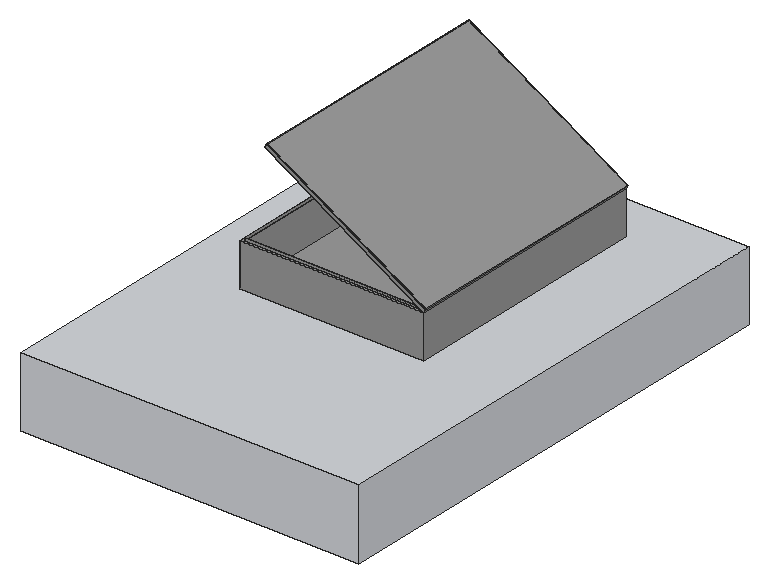
Revit family "Hager-Univers-IP44-D205-H1100-Cl.I-encl-PL-en", category Equipement électrique, Revit 2020
Family settings
  Hôte = Face
  Configuration du panneau = Deux colonnes, circuits au sein
  Cote de connecteur circulaire = Utiliser le diamètre
  Type d'élément = Tableau de raccordement
  Couper avec des vides une fois chargée = Non
  Partagée = Non
  Point de calcul de pièce = Non
Parameters (values of type "Surface mounted (plaster) IP44 W800 H1100 D205  - FP73TN2")
  Width Control [instance] = if([EF000008 - Width] > Min Width, [EF000008 - Width], Min Width)  # 800 mm
  Commentaires du type = [HG000003 - Range]  # "Univers"
  Thickness Door [instance] = if([EF009171 - Material plate thickness door/cover] > 3 mm, 3 mm, [EF009171 - Material plate thickness door/cover])  # 1 mm
  Seal Frame Offset [instance] = 17 mm  # constant formula
  Plinth Visibility [instance] = [HG000027 - Plinth height] > 0 mm  # no
  Model = ""
  Min Width [instance] = 100 mm  # constant formula
  Min Height [instance] = 100 mm  # constant formula
  Min Depth [instance] = (2 * [EF009170 - Material plate thickness cabinet]) + 1 mm  # 3 mm
  Internal Frame Depth [instance] = (Door System Depth * 0.5)  # 9 mm
  Height Control [instance] = if([EF000040 - Height] > Min Height, [EF000040 - Height], Min Height)  # 1100 mm
  HG000027 - Plinth height = 0 mm
  HG000026 - Floor standing = no
  HG000024 - Bottom section height = 800 mm
  HG000023 - Double section enclosure = no
  HG000016 - Door 3d visibility [instance] = yes
  HG000015 - Clearance visibility [instance] = no
  HG000014 - Door on the right [instance] = yes
  HG000013 - Door on the left [instance] = not([HG000014 - Door on the right])  # no
  HG000012 - Door swing angle [instance] = 30.00°
  HG000010 - Asymmetric doors = no
  HG000009 - Double swing door = no
  HG000006 - Flush mounted = no
  HG000004 - Manufacturer reference = "FP73TN2"
  HG000003 - Range = "Univers"
  HG000002 - With door or cover = yes
  Frame Offset Bottom [instance] = 10 mm  # constant formula
  Frame Offset [instance] = 15 mm  # constant formula
  EF015940 - Cover with overpressure release = no
  EF011959 - Degree of protection (NEMA) = ""
  EF009554 - Number of openings for flange plates = 6
  EF009212 - Cover model = "EV000116 - Closed"
  EF009171 - Material plate thickness door/cover = 1 mm
  EF009170 - Material plate thickness cabinet = 1 mm
  Fabricant = "Hager"  # constant formula
  EF008873 - Nominal current (In) = 250 A
  EF007800 - Suitable for lightning protection = no
  EF006306 - With lock = no
  EF006244 - Transparent cover/door = no
  EF005474 - Degree of protection (IP) = "EV006418 - IP44"
  EF004464 - Type of door = "EV002646 - Single"
  EF004427 - Number of modules = 252
  EF004293 - Impact strength = "EV006815 - IK09"
  EF003532 - Suitable for outdoor use = no
  EF002950 - Width in number of modular spacings = 36
  EF001613 - Circuit integrity = "EV000494 - None"
  EF001596 - Material housing = "EV000179 - Steel"
  EF001131 - Internal depth = 130 mm
  EF001088 - Extension possible = yes
  EF000437 - Number of conduit inlets = 6
  EF000339 - Type of cover = "EV001012 - Cover"
  EF000266 - Number of rows = 7
  EF000218 - Built-in depth = 205 mm
  EF000118 - With mounting plate = no
  EF000116 - RAL-number = "9010"
  EF000049 - Depth = 205 mm
  EF000040 - Height = 1100 mm
  EF000008 - Width = 800 mm
  EF000007 - Colour = "EV000202 - White"
  EF000003 - Mounting method = "EV000384 - Surface mounted (plaster)"
  Door System Leaf Tolerance [instance] = 1.5 mm  # constant formula
  Door System Depth [instance] = 18 mm  # constant formula
  Door Height [instance] = Height Control - [HG000027 - Plinth height]  # 1100 mm
  Depth Control [instance] = if([EF000049 - Depth] > Min Depth, [EF000049 - Depth], Min Depth)  # 205 mm
  Default Elevation = 0 mm
  Connector Offset [instance] = Height Control / 2  # 550 mm
  Bottom Top Plate Trim [instance] = 1.5 mm  # constant formula
  Plinth height Ctrl [instance] = if([HG000027 - Plinth height] > 0 mm, [HG000027 - Plinth height], 12 mm)  # 12 mm
Types (4, lengths in mm): name | Width Control | HG000010 - Asymmetric doors | HG000009 - Double swing door | HG000004 - Manufacturer reference | EF009554 - Number of openings for flange plates | EF004464 - Type of door | EF004427 - Number of modules | EF002950 - Width in number of modular spacings | EF000437 - Number of conduit inlets | EF000008 - Width
  Surface mounted (plaster) IP44 W1300 H1100 D205  - FP75TN2 | 1300 | yes | yes | "FP75TN2" | 10 | "EV003602 - Double" | 420 | 60 | 10 | 1300
  Surface mounted (plaster) IP44 W300 H1100 D205  - FP71TN2 | 300 | no | no | "FP71TN2" | 2 | "EV002646 - Single" | 84 | 12 | 2 | 300
  Surface mounted (plaster) IP44 W550 H1100 D205  - FP72TN2 | 550 | no | no | "FP72TN2" | 4 | "EV002646 - Single" | 168 | 24 | 4 | 550
  Surface mounted (plaster) IP44 W800 H1100 D205  - FP73TN2 | 800 | no | no | "FP73TN2" | 6 | "EV002646 - Single" | 252 | 36 | 6 | 800
Reference planes
  plane 1 "Center (Front/Back)": y = 0
  plane 2: z = 0
  plane 3 "Center (Left/Right)": x = 0
  plane 4: z = 205
  plane 5: y = 1
  plane 6: y = 550
  plane 7: y = 0
  plane 8: y = 1100
  plane 9: z = 0
  plane 10: x = -385
  plane 11: x = 385
  plane 12: x = 384
  plane 13: x = -384
  plane 14: y = 1099
  plane 15: x = -383
  plane 16: x = -400
  plane 17: x = 383
  plane 18: x = 400
  plane 19: x = 399
  plane 20: x = -399
  plane 21: y = 11
  plane 22: y = 1100
  plane 23: y = 1084
  plane 24: z = 187
  plane 25: z = 1
  plane 26: z = 186
  plane 27: z = 204
Forms (mm)
  Extrusion 1, solid
    sketch origin (0, 0, 0) x (1, 0, 0) y (0, 1, 0)
      loop
        line (-702.964, 1305) -> (-702.964, -811.445) -> (766.763, -811.445) -> (766.763, 1305) -> (-702.964, 1305)
    from 0 to -304.8
  Extrusion 2, solid, material "Hager_Steel_RAL7035_Light_Grey", visible <- "Plinth Visibility", detail levels medium+fine
    sketch origin (0, 0, 0) x (1, 0, 0) y (0, 1, 0)
      loop
        line (-400, 0) -> (400, 0) -> (400, 12) -> (-400, 12) -> (-400, 0)
    from 0 to 187
  Extrusion 3, solid, material "Hager_Steel_RAL7035_Light_Grey", detail levels medium+fine
    sketch origin (0, 0, 0) x (1, 0, 0) y (0, 1, 0)
      loop
        line (-400, 0) -> (400, 0) -> (400, 1100) -> (-400, 1100) -> (-400, 0)
    from 0 to 187
  Extrusion 4, void
    sketch origin (0, 0, 0) x (1, 0, 0) y (0, 1, 0)
      loop
        line (-399, 1) -> (399, 1) -> (399, 1099) -> (-399, 1099) -> (-399, 1)
    from 1 to 186
  Extrusion 5, void
    sketch origin (-381.607, -4572, 187) x (0, -1, 0) y (-1, 0, 0)
      loop
        line (-4583, 2.393) -> (-5656, 2.393) -> (-5656, -765.607) -> (-4583, -765.607) -> (-4583, 2.393)
    from 0 to 1 <- "EF009170 - Material plate thickness cabinet"
  Extrusion 6, solid, material "Hager_Steel_RAL7035_Light_Grey", detail levels fine
    sketch origin (0, 0, 187) x (1, 0, 0) y (0, 1, 0)
      loop
        line (-384, 1084) -> (-384, 11) -> (384, 11) -> (384, 1084) -> (-384, 1084)
      loop
        line (-385, 10) -> (385, 10) -> (385, 1085) -> (-385, 1085) -> (-385, 10)
    from 0 to 9 <- "Internal Frame Depth"
  Extrusion 7, solid, material "Hager_Steel_RAL7035_Light_Grey", detail levels coarse
    sketch origin (0, 0, 0) x (1, 0, 0) y (0, 1, 0)
      loop
        line (-400, 0) -> (400, 0) -> (400, 1100) -> (-400, 1100) -> (-400, 0)
    from 0 to 205
  Sweep 8, void
    path in 3D
      loop
        line (-400, 12, 0) -> (400, 12, 0) -> (400, 12, 187) -> (-400, 12, 187) -> (-400, 12, 0)
    profile origin (-400, 12, 93.5) x (-1, 0, 0) y (0, -1, 0)
      loop
        line (0, 0) -> (0, 1.5) -> (-1.5, 1.5)
        arc (-1.5, 1.5) -> (-1.061, 0.439) -> (0, 0) r 1.5
Cuts and joins
  Extrusion 4, Extrusion 5 cuts Extrusion 3
  Sweep 8 cuts Extrusion 2
Lines and regions (mm)
  Masking region 1
    outline origin (0, 0, 0) x (1, 0, 0) y (0, 0, 1)
      loop
        line (-400, 205) -> (-400, 0) -> (400, 0) -> (400, 205) -> (-400, 205)
  Masking region 2, detail levels medium+fine
    outline origin (0, 140, 0) x (0, 1, 0) y (0, 0, 1)
      loop
        line (-140, 0) -> (960, 0) -> (960, 187) -> (-140, 187) -> (-140, 0)
  Masking region 3, not visible, detail levels medium+fine
    outline origin (0, 297.922, 0) x (0, 1, 0) y (0, 0, 1)
      loop
        line (263.578, 0) -> (303.578, 0) -> (303.578, 194)
        arc (303.578, 194) -> (300.649, 201.071) -> (293.578, 204) r 10
        line (293.578, 204) -> (263.578, 204) -> (263.578, 0)
  Masking region 4, detail levels coarse
    outline origin (0, 0, 180) x (0, 1, 0) y (0, 0, 1)
      loop
        line (0, -180) -> (1100, -180) -> (1100, 25) -> (0, 25) -> (0, -180)
  Masking region 5, visible <- "Plinth Visibility", detail levels medium+fine
    outline origin (0, 52.24, 12.345) x (0, 0, -1) y (0, 1, 0)
      loop
        line (10.845, -40.24) -> (-173.155, -40.24)
        arc (-173.155, -40.24) -> (-173.594, -41.301) -> (-174.655, -41.74) r 1.5
        line (-174.655, -41.74) -> (-174.655, -52.24) -> (12.345, -52.24) -> (12.345, -41.74)
        arc (12.345, -41.74) -> (11.285, -41.301) -> (10.845, -40.24) r 1.5
  Masking region 6, detail levels medium+fine
    outline origin (-381.607, -4572, 187) x (-1, 0, 0) y (0, -1, 0)
      loop
        line (18.393, -5672) -> (18.393, -4572) -> (-781.607, -4572) -> (-781.607, -5672) -> (18.393, -5672)
  Masking region 7, visible <- "Plinth Visibility", detail levels medium+fine
    outline origin (-381.607, -4727, 187) x (-1, 0, 0) y (0, -1, 0)
      loop
        arc (16.893, -4739) -> (17.332, -4737.939) -> (18.393, -4737.5) r 1.5
        line (18.393, -4737.5) -> (18.393, -4727) -> (-781.607, -4727) -> (-781.607, -4737.5)
        arc (-781.607, -4737.5) -> (-780.546, -4737.939) -> (-780.107, -4739) r 1.5
        line (-780.107, -4739) -> (16.893, -4739)
  Masking region 8, detail levels coarse
    outline origin (-442.548, -4669.526, 187) x (-1, 0, 0) y (0, -1, 0)
      loop
        line (-42.548, -5769.526) -> (-42.548, -4669.526) -> (-842.548, -4669.526) -> (-842.548, -5769.526) -> (-42.548, -5769.526)
  sketch lines
    curve 1: line (-400, 12, 187) -> (-400, 12, 0)
    curve 2: line (400, 12, 187) -> (-400, 12, 187)
    curve 3: line (400, 12, 187) -> (400, 12, 0)
    curve 4: line (-400, 12, 0) -> (400, 12, 0)
Dimensions and locks
  "Depth Control": plane 4 to Extrusion 1
  "HG000027 - Plinth height": plane 1 "Center (Front/Back)" to plane 7
  "EF009170 - Material plate thickness cabinet": plane 5 to plane 7
  locked: connector elem to plane 3 "Center (Left/Right)"
  equal spacing: plane 8, plane 6, plane 7
  locked: connector elem to plane 6
  "EF009170 - Material plate thickness cabinet": plane 8 to plane 14
  "EF009170 - Material plate thickness cabinet": plane 10 to plane 13
  "EF009170 - Material plate thickness cabinet": plane 12 to plane 11
  "Frame Offset": plane 20 to plane 13
  "Frame Offset": plane 12 to plane 19
  "EF009170 - Material plate thickness cabinet": plane 16 to plane 20
  "EF009170 - Material plate thickness cabinet": plane 19 to plane 18
  "Seal Frame Offset": plane 16 to plane 15
  "Seal Frame Offset": plane 17 to plane 18
  "Frame Offset Bottom": plane 21 to plane 5
  "Frame Offset": plane 14 to plane 23
  equal spacing: plane 16, plane 3 "Center (Left/Right)", plane 18
  "Width Control": plane 16 to plane 18
  "EF009170 - Material plate thickness cabinet": plane 4 to plane 27
  "EF009170 - Material plate thickness cabinet": plane 24 to plane 26
  "EF009170 - Material plate thickness cabinet": plane 25 to level
  "Door System Depth": plane 4 to plane 24
  "Height Control": plane 1 "Center (Front/Back)" to Extrusion 7 sketch curve
  "Height Control": Masking region 4 sketch curve to plane 1 "Center (Front/Back)"
  "Height Control": plane 1 "Center (Front/Back)" to plane 22
  "Bottom Top Plate Trim": profile plane to Sweep 8 sketch curve
  "Bottom Top Plate Trim": Sweep 8 sketch curve to profile plane
  "Plinth height Ctrl": plane 1 "Center (Front/Back)" to Extrusion 2 sketch curve
  "Plinth height Ctrl": Masking region 5 sketch curve to plane 1 "Center (Front/Back)"
  "Plinth height Ctrl": plane 1 "Center (Front/Back)" to Masking region 7 sketch curve
  "Thickness Door": Extrusion 6 sketch curve to Extrusion 6 sketch curve  (x3)
  "Thickness Door": cut or joined group of Extrusion 3, Extrusion 4, Extrusion 5 to Extrusion 6 sketch curve
  radius of Masking region 3 sketch curve = 10 mm
  "Bottom Top Plate Trim": radius of Masking region 5 sketch curve  (x2)
  "Bottom Top Plate Trim": radius of Sweep 8 sketch curve
  "Bottom Top Plate Trim": radius of Masking region 7 sketch curve  (x2)
  aligned and locked: plane 2 to Extrusion 1
  aligned and locked: level to Extrusion 1
  aligned and locked: level to Masking region 1 sketch curve
  aligned and locked: Masking region 1 sketch curve to plane 18
  aligned and locked: Masking region 1 sketch curve to plane 16
  aligned and locked: plane 7 to Masking region 2 sketch curve
  aligned and locked: level to Masking region 3 sketch curve
  aligned and locked: Masking region 3 sketch curve to plane 27
  aligned and locked: level to Masking region 2 sketch curve
  aligned and locked: plane 1 "Center (Front/Back)" to Extrusion 2 sketch curve
  aligned and locked: Extrusion 3 sketch curve to plane 7
  aligned and locked: plane 16 to Extrusion 3 sketch curve
  aligned and locked: plane 18 to Extrusion 3 sketch curve
  aligned and locked: plane 20 to Extrusion 4 sketch curve
  aligned and locked: plane 19 to Extrusion 4 sketch curve
  aligned and locked: Extrusion 4 sketch curve to plane 5
  aligned and locked: Extrusion 4 to plane 25
  aligned and locked: plane 26 to Extrusion 4
  aligned and locked: plane 24 to Extrusion 3
  aligned and locked: Extrusion 5 sketch curve to plane 21
  aligned and locked: Extrusion 5 sketch curve to plane 13
  aligned and locked: Extrusion 5 sketch curve to plane 12
  aligned and locked: plane 18 to Extrusion 7 sketch curve
  aligned and locked: plane 1 "Center (Front/Back)" to Extrusion 7 sketch curve
  aligned and locked: plane 16 to Extrusion 7 sketch curve
  aligned and locked: plane 4 to Extrusion 7
  aligned and locked: Extrusion 7 to level
  aligned and locked: level to Masking region 4 sketch curve
  aligned and locked: Masking region 4 sketch curve to plane 1 "Center (Front/Back)"
  aligned and locked: Masking region 4 sketch curve to plane 4
  aligned and locked: nested 1 to level
  aligned and locked: nested 1 to plane 16
  aligned and locked: plane 8 to Extrusion 3 sketch curve
  aligned and locked: plane 23 to Extrusion 5 sketch curve
  aligned and locked: plane 14 to Extrusion 4 sketch curve
  aligned and locked: Masking region 2 sketch curve to plane 8
  aligned and locked: level to Masking region 5 sketch curve
  aligned and locked: plane 16 to Extrusion 2 sketch curve
  aligned and locked: plane 18 to Extrusion 2 sketch curve
  aligned and locked: Masking region 5 sketch curve to plane 24
  aligned and locked: Masking region 2 sketch curve to plane 24
  aligned and locked: plane 24 to Extrusion 2
  aligned and locked: profile plane to Sweep 8 sketch curve  (x2)
  aligned and locked: Masking region 6 sketch curve to plane 18
  aligned and locked: Masking region 6 sketch curve to plane 22
  aligned and locked: Masking region 6 sketch curve to plane 16
  aligned and locked: plane 8 to plane 22
  aligned and locked: Masking region 6 sketch curve to plane 7
  aligned and locked: Masking region 7 sketch curve to plane 16
  aligned and locked: Masking region 7 sketch curve to plane 1 "Center (Front/Back)"
  aligned and locked: Masking region 7 sketch curve to plane 18
  aligned and locked: Masking region 8 sketch curve to plane 1 "Center (Front/Back)"
  aligned and locked: Masking region 8 sketch curve to plane 18
  aligned and locked: Masking region 8 sketch curve to plane 22
  aligned and locked: Masking region 8 sketch curve to plane 16
  aligned and locked: nested 2 to plane 7
  aligned and locked: plane 3 "Center (Left/Right)" to nested 2
  aligned and locked: nested 2 to plane 24
  aligned and locked: Extrusion 6 sketch curve to cut or joined group of Extrusion 3, Extrusion 4, Extrusion 5  (x4)
Automatic sketch dimensions
  Extrusion 1 sketch curve to Extrusion 1 sketch curve = 1469.727 mm
  Extrusion 1 sketch curve to Extrusion 1 sketch curve = 2116.445 mm
  Masking region 1 sketch curve to plane 4 = 0 mm
  plane 6 to Masking region 3 sketch curve = 11.5 mm
  Masking region 3 sketch curve to Masking region 3 sketch curve = 30 mm
  Masking region 5 sketch curve to plane 1 "Center (Front/Back)" = 0 mm
Nested families
  nested 1: "Hager_Enclosure_Symbol" at (-400, 0, 0) x (1, 0, 0) z (0, -1, 0), Height <- "Depth Control", Width <- "Width Control", type "Hager_Enclosure_Symbol"
    with Width_Ctrl 800 mm, Width 800 mm, Height_Ctrl 205 mm, Height 205 mm, A_Width_Int 13.453 mm, A_Width 161.438 mm, A_Height_Ctrl 179.375 mm, A_Height 179.375 mm
  nested 2: "EC000058_Univers_Door" at (0, 0, 187) x (1, 0, 0) z (0, 1, 0), Leaf_Tolerance <- "Door System Leaf Tolerance", Angle <- "HG000012 - Door swing angle", Door_Depth <- "Door System Depth", Door_Left <- "HG000013 - Door on the left", Transparent <- "EF006244 - Transparent cover/door", Assymetrical <- "HG000010 - Asymmetric doors", Width <- "Width Control", Clearance <- "HG000015 - Clearance visibility", Double <- "HG000009 - Double swing door", 3d_Door <- "HG000016 - Door 3d visibility", Lock_Visibility <- "EF006306 - With lock", Width_Ctrl <- "Width Control", Door_Right <- "HG000014 - Door on the right", Door <- "HG000002 - With door or cover", Height <- "Door Height", Thickness <- "Thickness Door", type "EC000058_Univers_Door", detail levels medium+fine
    with min_wh 3 mm, Width_Ctrl 800 mm, Width 800 mm, Transparent no, Thickness 1 mm, Seal_Material Hager_Rubber, Lock_Visibility no, Lock_Material Hager_Plastic_RAL9005_Jet_Black, Leaf_Width 800 mm, Leaf_Tolerance_External_Sides 0 mm, Leaf_Tolerance 1.5 mm, Leaf_Offset 0 mm, Leaf_Height 1097 mm, Leaf_2_Width 800 mm, Leaf_2_Offset 400 mm, Leaf_1_Width 800 mm, Leaf_1_Offset 400 mm, Height_Ctrl 1100 mm, Height 1100 mm, Glass_Material Hager_Glass, Double_Clearance_Ctrl no, Double no, Door_Right_Ctrl yes, Door_Right yes, Door_Material Hager_Steel_RAL7035_Light_Grey, Door_Left_Ctrl no, Door_Left no, Door_Depth 18 mm, Door yes, Clearance_Material Hager_Clearance, Clearance_Depth 800 mm, Clearance_Ctrl no, Clearance no, Assymetrical no, Angle 30.00°, 3d_Door yes
Connectors
  electrical at (0, 550, 0)
    settings: on plane 9, index 1, voltage 0 V, apparent load 0 VA, apparent load phase1 0 VA, apparent load phase2 0 VA, apparent load phase3 0 VA, power factor 1, load classification "Other", number of poles 1, system type 30, power factor state 1, is connector primary yes, connector utility no, sub classification motor no, connector description ""
Definition of nested family "EC000058_Univers_Door"
  Parameters (values of type "EC000058_Univers_Door")
    min_wh [instance] = (2 * Thickness) + 1 mm  # 11 mm
    Width_Ctrl [instance] = 400 mm
    Width [instance] = 500 mm
    Transparent [instance] = yes
    Thickness [instance] = 5 mm
    Seal_Material [instance] = none
    Lock_Visibility [instance] = yes
    Lock_Material [instance] = none
    Leaf_Width [instance] = if((Width_Ctrl - 2 * Leaf_Tolerance_External_Sides) > 0 mm, (Width_Ctrl - 2 * Leaf_Tolerance_External_Sides), min_wh)  # 400 mm
    Leaf_Tolerance_External_Sides [instance] = 0 mm  # constant formula
    Leaf_Tolerance [instance] = 1.5 mm
    Leaf_Offset [instance] = 0 mm  # constant formula
    Leaf_Height [instance] = if((Height_Ctrl - 2 * Leaf_Tolerance) > 0 mm, (Height_Ctrl - 2 * Leaf_Tolerance), min_wh)  # 497 mm
    Leaf_2_Width [instance] = if(and(and(Double, Assymetrical), Door_Left), (Leaf_Width / 3) - (Leaf_Tolerance / 2), if(and(and(Double, Assymetrical), Door_Right), (Leaf_Width / 3) * 2 - (Leaf_Tolerance / 2), if(and(Double, not(Assymetrical)), (Leaf_Width / 2) - Leaf_Tolerance, Leaf_Width)))  # 400 mm
    Leaf_2_Offset [instance] = if(and(Double, Assymetrical), Leaf_2_Width / 2, if(and(Double, not(Assymetrical)), Leaf_Width / 4, Leaf_Width / 2))  # 200 mm
    Leaf_1_Width [instance] = if(and(and(Double, Assymetrical), Door_Right), (Leaf_Width / 3) - (Leaf_Tolerance / 2), if(and(and(Double, Assymetrical), Door_Left), (Width / 3) * 2 - (Leaf_Tolerance / 2), if(and(Double, not(Assymetrical)), (Leaf_Width / 2) - Leaf_Tolerance, Leaf_Width)))  # 400 mm
    Leaf_1_Offset [instance] = if(and(Double, Assymetrical), Leaf_1_Width / 2, if(and(Double, not(Assymetrical)), Leaf_Width / 4, Leaf_Width / 2))  # 200 mm
    Height_Ctrl [instance] = if(Height > min_wh, Height, min_wh)  # 500 mm
    Height [instance] = 500 mm
    Glass_Material [instance] = none
    Double_Clearance_Ctrl [instance] = and(Double, Clearance)  # no
    Double [instance] = no
    Door_Right_Ctrl [instance] = and(or(Door_Right, Double), Door)  # yes
    Door_Right [instance] = yes
    Door_Material [instance] = none
    Door_Left_Ctrl [instance] = and(or(Door_Left, Double), Door)  # no
    Door_Left [instance] = no
    Door_Depth [instance] = 30 mm
    Door [instance] = yes
    Default Elevation = 1219.2 mm
    Clearance_Material [instance] = none
    Clearance_Depth [instance] = if(Leaf_1_Width > Leaf_2_Width, Leaf_1_Width, Leaf_2_Width)  # 400 mm
    Clearance_Ctrl [instance] = and(not(Double), Clearance)  # yes
    Clearance [instance] = yes
    Assymetrical [instance] = yes
    Angle [instance] = 30.00°
    3d_Door [instance] = yes
  Reference planes
    plane 1 "Center (Front/Back)": y = 0
    plane 2 "Bottom": z = 0
    plane 3 "Center (Left/Right)": x = 0
    plane 4: z = 500
    plane 5: x = -200
    plane 6: x = 200
    plane 7: z = 500
    plane 8: x = -200
    plane 9: z = 0
    plane 10: x = 200
    plane 11: y = 0
    plane 12: z = 1.5
    plane 13: x = -600
    plane 14: y = -400
    plane 15: x = 600
    plane 16: x = 0
    plane 17: x = 0
    plane 18: x = -200
    plane 19: x = 200
    plane 20: z = 498.5
  Forms (mm)
    Extrusion 1, solid, material <- "Clearance_Material", visible <- "Double_Clearance_Ctrl"
      sketch origin (1200, 0, 0) x (1, 0, 0) y (0, 0, -1)
        loop
          line (-1800, -498.5) -> (-600, -498.5) -> (-600, 0) -> (-1800, 0) -> (-1800, -498.5)
      from 0 to -400
  Dimensions and locks
    equal spacing: plane 5, plane 3 "Center (Left/Right)", plane 6
    "Width_Ctrl": plane 5 to plane 6
    "Leaf_Offset": plane 5 to plane 8
    "Leaf_Offset": plane 6 to plane 10
    "Leaf_Offset": plane 9 to level
    "Leaf_Offset": plane 4 to plane 7
    "Height_Ctrl": plane 4 to level
    "Leaf_Tolerance": plane 12 to plane 9
    locked: plane 11 to plane 1 "Center (Front/Back)"
    "Leaf_1_Offset": plane 18 to plane 16
    "Leaf_2_Offset": plane 17 to plane 19
    "Leaf_1_Width": plane 13 to plane 8
    "Leaf_2_Width": plane 10 to plane 15
    "Clearance_Depth": plane 14 to plane 1 "Center (Front/Back)"
    "Leaf_Tolerance_External_Sides": plane 8 to plane 18
    "Leaf_Tolerance_External_Sides": plane 19 to plane 10
    "Leaf_Tolerance": plane 7 to plane 20
    aligned and locked: level to plane 2 "Bottom"
    aligned and locked: nested 1 to plane 16
    aligned and locked: nested 2 to plane 17
    aligned and locked: Extrusion 1 to plane 13
    aligned and locked: plane 15 to Extrusion 1
    aligned and locked: Extrusion 1 to plane 14
    aligned and locked: plane 12 to nested 1
    aligned and locked: nested 2 to plane 12
    aligned and locked: Extrusion 1 to plane 11
    aligned and locked: plane 20 to Extrusion 1
    aligned and locked: nested 2 to plane 11
    aligned and locked: nested 1 to plane 11
  Automatic sketch dimensions
    Extrusion 1 sketch curve to level = 0 mm
    plane 5 to Extrusion 1 sketch curve = 400 mm
    plane 6 to Extrusion 1 sketch curve = 400 mm
    Extrusion 1 sketch curve to plane 4 = 1.5 mm
  Nested families
    nested 1: "EC000058_Univers_Door_Leaf" at (0, 0, 1.5), Width <- "Leaf_1_Width", visible <- "Door_Left_Ctrl", Leaf_Height <- "Leaf_Height", Angle <- "Angle", 3d_Door <- "3d_Door", Transparent <- "Transparent", Clearance Material <- "Clearance_Material", Clearance <- "Clearance_Ctrl", Door_Material <- "Door_Material", Glass_Material <- "Glass_Material", Door_Depth <- "Door_Depth", Lock_Material <- "Lock_Material", Seal_Material <- "Seal_Material", Lock_Visibility <- "Lock_Visibility", Thickness <- "Thickness", type "EC000058_Univers_Door_Leaf"
      with Width 400 mm, Transparent_Glass_Offset 30 mm, Transparent_Ctrl yes, Transparent yes, Thickness 5 mm, Standard no, Seal_Material none, Seal_D2 8 mm, Seal_D1 1 mm, Offset_Internal_Frame 10 mm, Lock_Width 20 mm, Lock_Visibility_3d yes, Lock_Visibility yes, Lock_Thickness_3 3 mm, Lock_Thickness_2 1 mm, Lock_Thickness_1 3 mm, Lock_Radius_Offset_2 16 mm, Lock_Radius_Offset_1 15 mm, Lock_Radius_2 5 mm, Lock_Radius 6 mm, Lock_Offset 5 mm, Lock_Material none, Lock_Height 80 mm, Lock_Cover_Top_Offset_2d 17 mm, Lock_Cover_Height -65 mm, Leaf_Height 497 mm, Internal_Seal_Thickness 8 mm, Internal_Seal_Depth_2 4.5 mm, Internal_Frame_Depth 25 mm, Glass_Thickness -1 mm, Glass_Offset -2 mm, Glass_Material none, Door_Material none, Door_Depth 30 mm, Clearance Material none, Clearance yes, Angle_Ctrl 30.00°, Angle 30.00°, 3d_Door yes
    nested 2: "EC000058_Univers_Door_Leaf" at (0, 0, 1.5) x (-1, 0, 0) z (0, 0, 1), Width <- "Leaf_2_Width", visible <- "Door_Right_Ctrl", Leaf_Height <- "Leaf_Height", Angle <- "Angle", 3d_Door <- "3d_Door", Transparent <- "Transparent", Clearance Material <- "Clearance_Material", Clearance <- "Clearance_Ctrl", Door_Material <- "Door_Material", Glass_Material <- "Glass_Material", Door_Depth <- "Door_Depth", Lock_Material <- "Lock_Material", Seal_Material <- "Seal_Material", Lock_Visibility <- "Lock_Visibility", Thickness <- "Thickness", type "EC000058_Univers_Door_Leaf"
      with Width 400 mm, Transparent_Glass_Offset 30 mm, Transparent_Ctrl yes, Transparent yes, Thickness 5 mm, Standard no, Seal_Material none, Seal_D2 8 mm, Seal_D1 1 mm, Offset_Internal_Frame 10 mm, Lock_Width 20 mm, Lock_Visibility_3d yes, Lock_Visibility yes, Lock_Thickness_3 3 mm, Lock_Thickness_2 1 mm, Lock_Thickness_1 3 mm, Lock_Radius_Offset_2 16 mm, Lock_Radius_Offset_1 15 mm, Lock_Radius_2 5 mm, Lock_Radius 6 mm, Lock_Offset 5 mm, Lock_Material none, Lock_Height 80 mm, Lock_Cover_Top_Offset_2d 17 mm, Lock_Cover_Height -65 mm, Leaf_Height 497 mm, Internal_Seal_Thickness 8 mm, Internal_Seal_Depth_2 4.5 mm, Internal_Frame_Depth 25 mm, Glass_Thickness -1 mm, Glass_Offset -2 mm, Glass_Material none, Door_Material none, Door_Depth 30 mm, Clearance Material none, Clearance yes, Angle_Ctrl 30.00°, Angle 30.00°, 3d_Door yes
  Definition of nested family "EC000058_Univers_Door_Leaf"
    Parameters (values of type "EC000058_Univers_Door_Leaf")
      Width [instance] = 2000 mm
      Transparent_Glass_Offset [instance] = 30 mm
      Transparent_Ctrl [instance] = and(Transparent, [3d_Door])  # yes
      Transparent [instance] = yes
      Thickness [instance] = 5 mm
      Standard [instance] = and(not(Transparent), [3d_Door])  # no
      Seal_Material [instance] = none
      Seal_D2 [instance] = 8 mm  # constant formula
      Seal_D1 [instance] = 1 mm  # constant formula
      Offset_Internal_Frame [instance] = 10 mm  # constant formula
      Lock_Width [instance] = 20 mm  # constant formula
      Lock_Visibility_3d [instance] = and(Lock_Visibility, [3d_Door])  # yes
      Lock_Visibility [instance] = yes
      Lock_Thickness_3 [instance] = 3 mm  # constant formula
      Lock_Thickness_2 [instance] = 1 mm  # constant formula
      Lock_Thickness_1 [instance] = 3 mm  # constant formula
      Lock_Radius_Offset_2 [instance] = Lock_Radius_Offset_1 + 1 mm  # 16 mm
      Lock_Radius_Offset_1 [instance] = 15 mm  # constant formula
      Lock_Radius_2 [instance] = Lock_Radius - 1 mm  # 5 mm
      Lock_Radius [instance] = 6 mm  # constant formula
      Lock_Offset [instance] = 5 mm  # constant formula
      Lock_Material [instance] = none
      Lock_Height [instance] = 80 mm  # constant formula
      Lock_Cover_Top_Offset_2d [instance] = Lock_Radius_Offset_2 + 1 mm  # 17 mm
      Lock_Cover_Height [instance] = -(Lock_Height - Lock_Radius_Offset_1)  # -65 mm
      Leaf_Height [instance] = 2720.336 mm
      Internal_Seal_Thickness [instance] = 8 mm  # constant formula
      Internal_Seal_Depth_2 [instance] = 4.5 mm  # constant formula
      Internal_Frame_Depth [instance] = if(Door_Depth - Thickness > 5 mm, Door_Depth - Thickness, 5 mm)  # 25 mm
      Glass_Thickness [instance] = if(Thickness > 15 mm, Glass_Offset + 10 mm, -1 mm)  # -1 mm
      Glass_Offset [instance] = if(Thickness > 15 mm, -(Thickness + 10 mm) / 2, -2 mm)  # -2 mm
      Glass_Material [instance] = none
      Door_Material [instance] = none
      Door_Depth [instance] = 30 mm
      Default Elevation = 0 mm
      Clearance Material [instance] = none
      Clearance [instance] = yes
      Angle_Ctrl [instance] = if(Angle > 180.00°, 180.00°, Angle)  # 90.00°
      Angle [instance] = 90.00°
      3d_Door [instance] = yes
    Reference planes
      plane 1 "Center (Front/Back)": y = 0
      plane 2: z = 0
      plane 3 "Center (Left/Right)": x = 0
      plane 4: y = 2000
      plane 5: x = -1000
      plane 6: x = 1000
      plane 7: x = -3000
      plane 8: z = 2720.336
      plane 9: z = 30
      plane 10: z = 2690.336
      plane 11: x = 970
      plane 12: x = -970
      plane 13: y = -3
      plane 14: z = 107.833
      plane 15: y = -5
      plane 16: y = -223.314
      plane 17: x = -1000
      plane 18: z = 1360.168
      plane 19: y = 30
    Forms (mm)
      Extrusion 1, solid, material <- "Clearance Material", visible <- "Clearance"
        sketch origin (0, 0, 0) x (1, 0, 0) y (0, 0, 1)
          loop
            line (-3000, 2720.336) -> (-3000, 0) -> (1000, 0) -> (1000, 2720.336) -> (-3000, 2720.336)
        from 0 to -2000
      Extrusion 2, solid, material <- "Door_Material", visible <- "Standard", detail levels medium+fine
        sketch origin (-1000, 0, 0) x (0, 1, 0) y (-1, 0, 0)
          loop
            line (0, 30) -> (0, 25) -> (2000, 25) -> (2000, 30) -> (0, 30)
        from 0 to 2720.336 <- "Leaf_Height"
      Extrusion 3, solid, material <- "Door_Material", visible <- "Transparent_Ctrl", detail levels medium+fine
        sketch origin (-1000, 0, 0) x (0, 1, 0) y (-1, 0, 0)
          loop
            line (0, 25) -> (2000, 25) -> (2000, 30) -> (0, 30) -> (0, 25)
        from 0 to 2720.336 <- "Leaf_Height"
      Extrusion 4, void
        sketch origin (-1025, 2000, 0) x (0, 1, 0) y (0, 0, -1)
          loop
            line (-30, -2690.336) -> (-30, -30) -> (-1970, -30) -> (-1970, -2690.336) -> (-30, -2690.336)
        from 0 to 5 <- "Thickness"
      Sweep 5, solid, material <- "Seal_Material", visible <- "Transparent_Ctrl", detail levels fine
        path in 3D
          loop
            line (-1025, 30, 30) -> (-1025, 30, 2690.336) -> (-1025, 1970, 2690.336) -> (-1025, 1970, 30) -> (-1025, 30, 30)
        profile origin (-1025, 1000, 30) x (1, 0, 0) y (0, 0, 1)
          loop
            line (0, 0) -> (0, -8) -> (1, -8) -> (1, 0) -> (0, 0)
      Extrusion 6, solid, material <- "Glass_Material", visible <- "Transparent_Ctrl", detail levels medium+fine
        sketch origin (-1030, 0, 0) x (0, 1, 0) y (0, 0, -1)
          loop
            line (1970, -2690.336) -> (1970, -30) -> (30, -30) -> (30, -2690.336) -> (1970, -2690.336)
        from -2 <- "Glass_Offset" to -1 <- "Glass_Thickness"
      Extrusion 7, solid, material <- "Door_Material", visible <- "3d_Door", detail levels medium+fine
        sketch origin (-1025, 2000, 0) x (0, -1, 0) y (0, 0, -1)
          loop
            line (0, -2720.336) -> (2000, -2720.336) -> (2000, 0) -> (0, 0) -> (0, -2720.336)
          loop
            line (1995, -5) -> (5, -5) -> (5, -2715.336) -> (1995, -2715.336) -> (1995, -5)
        from 0 to 25 <- "Internal_Frame_Depth"
      Sweep 8, solid, material <- "Seal_Material", visible <- "Transparent_Ctrl", detail levels fine
        path in 3D
          loop
            line (-1025, 0, 0) -> (-1025, 2000, 0) -> (-1025, 2000, 2720.336) -> (-1025, 0, 2720.336) -> (-1025, 0, 0)
        profile origin (-1025, 0, 1360.168) x (1, 0, 0) y (0, 1, 0)
          loop
            line (0, 10) -> (2.975, 10)
            arc (2.975, 10) -> (4.053, 10.447) -> (4.5, 11.525) r 1.525
            line (4.5, 11.525) -> (4.5, 16.527)
            arc (4.5, 16.527) -> (4.069, 17.569) -> (3.027, 18) r 1.473
            line (3.027, 18) -> (0, 18) -> (0, 10)
      Extrusion 9, solid, material <- "Lock_Material", visible <- "Lock_Visibility_3d", detail levels fine
        sketch origin (-1030, 0, 0) x (0, 1, 0) y (0, 0, -1)
          loop
            arc (1993.5, -1400.168) -> (1994.561, -1399.729) -> (1995, -1398.668) r 1.5
            line (1995, -1398.668) -> (1995, -1320.168) -> (1975, -1320.168) -> (1975, -1398.668)
            arc (1975, -1398.668) -> (1975.439, -1399.729) -> (1976.5, -1400.168) r 1.5
            line (1976.5, -1400.168) -> (1993.5, -1400.168)
        from 3 <- "Lock_Thickness_1" to 0
      Blend 10, solid, material <- "Lock_Material", visible <- "Lock_Visibility_3d", detail levels fine
        base sketch origin (-1033, 0, 0) x (0, 1, 0) y (0, 0, -1)
          loop
            line (1975, -1320.168) -> (1975, -1398.668)
            arc (1975, -1398.668) -> (1975.439, -1399.729) -> (1976.5, -1400.168) r 1.5
            line (1976.5, -1400.168) -> (1993.5, -1400.168)
            arc (1993.5, -1400.168) -> (1994.561, -1399.729) -> (1995, -1398.668) r 1.5
            line (1995, -1398.668) -> (1995, -1320.168) -> (1975, -1320.168)
        top sketch origin (-1033, 0, 0) x (0, 1, 0) y (0, 0, -1)
          loop
            line (1976, -1320.168) -> (1976, -1398.668)
            arc (1976, -1398.668) -> (1976.146, -1399.022) -> (1976.5, -1399.168) r 0.5
            line (1976.5, -1399.168) -> (1993.5, -1399.168)
            arc (1993.5, -1399.168) -> (1993.854, -1399.022) -> (1994, -1398.668) r 0.5
            line (1994, -1398.668) -> (1994, -1320.168) -> (1976, -1320.168)
        from 0 to 1 <- "Lock_Thickness_2"
      Blend 11, solid, material <- "Lock_Material", visible <- "Lock_Visibility_3d", detail levels fine
        base sketch origin (-1034, 0, 0) x (0, 1, 0) y (0, 0, -1)
          loop
            line (1978, -1320.168) -> (1978, -1384.168)
            arc (1978, -1384.168) -> (1985, -1391.168) -> (1992, -1384.168) r 7
            line (1992, -1384.168) -> (1992, -1320.168) -> (1978, -1320.168)
        top sketch origin (-1034, 0, 0) x (0, 1, 0) y (0, 0, -1)
          loop
            line (1991, -1320.168) -> (1979, -1320.168) -> (1979, -1383.168)
            arc (1979, -1383.168) -> (1985, -1389.168) -> (1991, -1383.168) r 6
            line (1991, -1383.168) -> (1991, -1320.168)
        from 0 to 3 <- "Lock_Thickness_3"
      Extrusion 12, solid, material <- "Lock_Material", visible <- "Lock_Visibility_3d", detail levels fine
        sketch origin (-1030, 1975, 1320.168) x (1, 0, 0) y (0, -1, 0)
          loop
            line (-7, -19) -> (-7, -1) -> (0, -1) -> (0, 0) -> (-8, 0) -> (-8, -20) -> (0, -20) -> (0, -19) -> (-7, -19)
        from 0 to -65 <- "Lock_Cover_Height"
      Extrusion 13, void
        sketch origin (-1038, 1995, 1320.168) x (-1, 0, 0) y (0, 0, -1)
          loop
            line (-5, -65) -> (0, -65) -> (-5, -60) -> (-5, -65)
        from 0 to 20 <- "Lock_Width"
      Extrusion 14, void
        sketch origin (-1038, 1975, 1320.168) x (0, -1, 0) y (0, 0, -1)
          loop
            circle (-10, -15.995) r 6
          loop
            circle (-10, -15.995) r 5
        from 0 to 2
      Extrusion 15, solid, material <- "Lock_Material", visible <- "Lock_Visibility_3d", detail levels medium
        sketch origin (-1030, 0, 0) x (0, 1, 0) y (0, 0, -1)
          loop
            arc (1993.5, -1400.168) -> (1994.561, -1399.729) -> (1995, -1398.668) r 1.5
            line (1995, -1398.668) -> (1995, -1320.168) -> (1975, -1320.168) -> (1975, -1398.668)
            arc (1975, -1398.668) -> (1975.439, -1399.729) -> (1976.5, -1400.168) r 1.5
            line (1976.5, -1400.168) -> (1993.5, -1400.168)
        from 8 to 0
    Cuts and joins
      Extrusion 4 cuts Extrusion 3
      Extrusion 13, Extrusion 14 cuts Extrusion 9
      Extrusion 14 cuts Blend 11
      Extrusion 13, Extrusion 14 cuts Extrusion 12
      joined: Extrusion 9, Blend 10, Blend 11, Extrusion 12
      Extrusion 14 cuts Extrusion 15
    Lines and regions (mm)
      Masking region 1, visible <- "Lock_Visibility", detail levels fine
        outline origin (0, 0, 0) x (0, 1, 0) y (0, 0, 1)
          loop
            line (30, 1320.168) -> (33, 1320.168) -> (33, 1400.168) -> (30, 1400.168) -> (30, 1320.168)
      Masking region 2, visible <- "Lock_Visibility", detail levels fine
        outline origin (0, 3.143, 0) x (0, 1, 0) y (0, 0, 1)
          loop
            line (29.857, 1354.168) -> (30.857, 1354.168) -> (30.857, 1366.168) -> (29.857, 1366.168) -> (29.857, 1354.168)
      Masking region 3, detail levels medium+fine
        outline origin (0, 0, 0) x (0, 1, 0) y (0, 0, 1)
          loop
            line (0, 0) -> (30, 0) -> (30, 2720.336) -> (0, 2720.336) -> (0, 0)
      Masking region 4, detail levels medium+fine
        outline origin (0, 0, 0) x (1, 0, 0) y (0, 0, 1)
          loop
            line (-1000, 2720.336) -> (-1000, 0) -> (1000, 0) -> (1000, 2720.336) -> (-1000, 2720.336)
      Masking region 5, visible <- "Lock_Visibility", detail levels fine
        outline origin (-47.116, 0, 0) x (1, 0, 0) y (0, 0, 1)
          loop
            arc (1024.616, 1399.168) -> (1023.556, 1398.729) -> (1023.116, 1397.668) r 1.5
            line (1023.116, 1397.668) -> (1023.116, 1320.168) -> (1041.116, 1320.168) -> (1041.116, 1397.668)
            arc (1041.116, 1397.668) -> (1040.677, 1398.729) -> (1039.616, 1399.168) r 1.5
            line (1039.616, 1399.168) -> (1024.616, 1399.168)
      Masking region 6, visible <- "Lock_Visibility", detail levels medium+fine
        outline origin (-25, 0, 0) x (1, 0, 0) y (0, 0, 1)
          loop
            arc (1001.5, 1400.168) -> (1000.439, 1399.729) -> (1000, 1398.668) r 1.5
            line (1000, 1398.668) -> (1000, 1320.168) -> (1020, 1320.168) -> (1020, 1398.668)
            arc (1020, 1398.668) -> (1019.561, 1399.729) -> (1018.5, 1400.168) r 1.5
            line (1018.5, 1400.168) -> (1001.5, 1400.168)
      Masking region 7, visible <- "Lock_Visibility", detail levels fine
        outline origin (-73.735, 0, 0) x (1, 0, 0) y (0, 0, 1)
          loop
            line (1051.735, 1382.168) -> (1065.735, 1382.168) -> (1065.735, 1384.168)
            arc (1065.735, 1384.168) -> (1058.735, 1391.168) -> (1051.735, 1384.168) r 7
            line (1051.735, 1384.168) -> (1051.735, 1382.168)
      Masking region 8, visible <- "Lock_Visibility", detail levels fine
        outline origin (-73.735, 0, 0) x (1, 0, 0) y (0, 0, 1)
          loop
            line (1052.735, 1382.168) -> (1064.735, 1382.168) -> (1064.735, 1383.168)
            arc (1064.735, 1383.168) -> (1058.735, 1389.168) -> (1052.735, 1383.168) r 6
            line (1052.735, 1383.168) -> (1052.735, 1382.168)
      Masking region 9, visible <- "Lock_Visibility", detail levels fine
        outline origin (-25, 0, 0) x (1, 0, 0) y (0, 0, 1)
          loop
            line (1020, 1320.168) -> (1020, 1382.168) -> (1000, 1382.168) -> (1000, 1320.168) -> (1020, 1320.168)
      Masking region 10, detail levels medium+fine
        outline origin (0, 0, 0) x (1, 0, 0) y (0, 0, 1)
          loop
            circle (985, 1335.144) r 6
      Masking region 11, detail levels fine
        outline origin (0, 0, 0) x (1, 0, 0) y (0, 0, 1)
          loop
            circle (985, 1335.144) r 5
      Masking region 12, visible <- "Lock_Visibility", detail levels fine
        outline origin (0, 12.767, 0) x (0, 1, 0) y (0, 0, 1)
          loop
            line (20.233, 1320.168) -> (21.233, 1320.168) -> (21.233, 1399.168) -> (20.233, 1400.168) -> (20.233, 1320.168)
      Masking region 13, visible <- "Lock_Visibility", detail levels fine
        outline origin (0, 13.767, -10) x (0, 1, 0) y (0, 0, 1)
          loop
            line (20.233, 1330.168) -> (23.233, 1330.168) -> (23.233, 1399.168) -> (20.233, 1402.168) -> (20.233, 1330.168)
      Masking region 14, visible <- "Lock_Visibility", detail levels fine
        outline origin (0, 12.767, -10) x (0, 1, 0) y (0, 0, 1)
          loop
            line (20.233, 1330.168) -> (25.233, 1330.168) -> (25.233, 1399.305) -> (20.233, 1394.305) -> (20.233, 1330.168)
      Masking region 15, visible <- "Lock_Visibility", detail levels medium
        outline origin (0, 0, 0) x (0, 1, 0) y (0, 0, 1)
          loop
            line (30, 1320.168) -> (38, 1320.168) -> (38, 1400.168) -> (30, 1400.168) -> (30, 1320.168)
      Masking region 16, visible <- "Lock_Visibility", detail levels fine
        outline origin (-1000, 0, 0) x (0, 1, 0) y (-1, 0, 0)
          loop
            line (1975, 30) -> (1995, 30) -> (1995, 38) -> (1975, 38) -> (1975, 30)
          loop
            line (1979, 37) -> (1976, 37) -> (1976, 34) -> (1978, 34) -> (1979, 37)
          loop
            line (1994, 37) -> (1991, 37) -> (1992, 34) -> (1994, 34) -> (1994, 37)
      Masking region 17, visible <- "Lock_Visibility", detail levels medium
        outline origin (-1000, 0, 0) x (0, 1, 0) y (-1, 0, 0)
          loop
            line (1975, 30) -> (1995, 30) -> (1995, 38) -> (1975, 38) -> (1975, 30)
      symbolic lines
        curve 1: line (1000, 0, 0) -> (-3000, 0, 0)
        curve 2: arc (1000, 0, 0) -> (-1000, 2000, 0) -> (-3000, 0, 0) r 2000
        curve 4: line (-1030, 0, 0) -> (-1030, 2000, 0)
      reference lines
        curve 3: line (-1000, 0, 0) -> (-1000, 2000, 0)
      symbolic lines, detail levels medium+fine
        curve 5: line (-1030, 2000, 0) -> (-1025, 2000, 0)
        curve 7: line (-1025, 0, 0) -> (-1030, 0, 0)
        curve 8: line (-1025, 0, 0) -> (-1000, 0, 0)
        curve 9: line (-1000, 0, 0) -> (-1000, 2000, 0)
        curve 10: line (-1000, 2000, 0) -> (-1025, 2000, 0)
      symbolic lines, detail levels fine
        curve 6: line (-1025, 2000, 0) -> (-1025, 0, 0)
      sketch lines
        curve 11: line (-1025, 0, 2720.336) -> (-1025, 0, 0)
        curve 12: line (-1025, 2000, 0) -> (-1025, 0, 0)
        curve 13: line (-1025, 2000, 2720.336) -> (-1025, 2000, 0)
        curve 14: line (-1025, 0, 2720.336) -> (-1025, 2000, 2720.336)
        curve 15: line (-1025, 1970, 30) -> (-1025, 30, 30)
        curve 16: line (-1025, 30, 30) -> (-1025, 30, 2690.336)
        curve 17: line (-1025, 1970, 2690.336) -> (-1025, 1970, 30)
        curve 18: line (-1025, 30, 2690.336) -> (-1025, 1970, 2690.336)
      symbolic lines, visible <- "Transparent", detail levels medium+fine
        curve 19: line (-970, 0, 2690.336) -> (970, 0, 2690.336)
        curve 20: line (-970, 0, 30) -> (-970, 0, 2690.336)
        curve 21: line (970, 0, 30) -> (-970, 0, 30)
        curve 22: line (970, 0, 2690.336) -> (970, 0, 30)
    Dimensions and locks
      "Width": plane 1 "Center (Front/Back)" to plane 4
      equal spacing: plane 5, plane 3 "Center (Left/Right)", plane 6
      "Width": plane 5 to plane 6
      "Width": plane 7 to plane 5
      "Leaf_Height": plane 8 to level
      "Width": curve 5 to curve 3
      "Width": curve 3 to curve 3
      plane 8 to plane 10 = 30 mm
      plane 9 to level = 30 mm
      plane 12 to plane 5 = 30 mm
      plane 6 to plane 11 = 30 mm
      Extrusion 1 to Extrusion 4 sketch curve = 30 mm
      "Transparent_Glass_Offset": curve 3 to Extrusion 4 sketch curve
      "Transparent_Glass_Offset": Extrusion 4 sketch curve to cut or joined group of Extrusion 3, Extrusion 4  (x2)
      cut or joined group of Extrusion 3, Extrusion 4 to Extrusion 6 sketch curve = 30 mm
      "Transparent_Glass_Offset": cut or joined group of Extrusion 3, Extrusion 4 to Extrusion 4 sketch curve
      "Thickness": curve 6 to curve 4
      "Thickness": Extrusion 7 sketch curve to Extrusion 7 sketch curve  (x4)
      "Door_Depth": curve 4 to curve 3
      "Offset_Internal_Frame": profile plane to Sweep 8 sketch curve
      "Internal_Seal_Thickness": Sweep 8 sketch curve to Sweep 8 sketch curve
      "Internal_Seal_Depth_2": profile plane to Sweep 8 sketch curve
      "Seal_D1": profile plane to Sweep 5 sketch curve
      "Seal_D2": profile plane to Sweep 5 sketch curve
      "Thickness": Extrusion 2 sketch curve to Extrusion 2 sketch curve
      equal spacing: Extrusion 9 sketch curve, plane 18, Extrusion 9 sketch curve  (x2)
      equal spacing: Masking region 1 sketch curve, plane 18, Masking region 1 sketch curve
      "Lock_Height": Masking region 1 sketch curve to Masking region 1 sketch curve
      "Lock_Radius": Masking region 2 sketch curve to plane 18 to Masking region 2 sketch curve
      Masking region 2 sketch curve to Masking region 1 = 1 mm
      "Door_Depth": plane 19 to plane 1 "Center (Front/Back)"
      "Lock_Thickness_1": Masking region 1 sketch curve to plane 19
      "Lock_Width": Extrusion 9 sketch curve to Extrusion 9 sketch curve
      "Lock_Height": Extrusion 9 sketch curve to Extrusion 9 sketch curve
      "Lock_Offset": cut or joined group of Extrusion 3, Extrusion 4 to Extrusion 9 sketch curve
      equal spacing: plane 8, plane 18, level
      "Lock_Radius_Offset_1": Blend 11 sketch curve to Blend 10
      locked: Blend 10 to Blend 11 sketch curve at 2  (x2)
      locked: var sketch to Blend 11 sketch curve at 1  (x2)
      "Lock_Radius_Offset_2": Blend 11 sketch curve to Blend 10
      locked: Extrusion 12 sketch curve to Extrusion 12 sketch curve at 1  (x3)
      Masking region 6 sketch curve to Masking region 6 sketch curve = 80 mm
      "Lock_Height": Masking region 6 sketch curve to Masking region 6 sketch curve
      "Lock_Width": Masking region 6 sketch curve to Masking region 6 sketch curve
      locked: Masking region 6 to Masking region 5 sketch curve at 1  (x3)
      locked: Masking region 5 to Masking region 7 sketch curve at 2  (x2)
      "Lock_Radius_Offset_1": Masking region 5 to Masking region 7 sketch curve
      "Lock_Radius_Offset_2": Masking region 5 to Masking region 8 sketch curve
      locked: Masking region 7 to Masking region 8 sketch curve at 1  (x2)
      "Lock_Cover_Top_Offset_2d": Masking region 5 to Masking region 9 sketch curve
      equal spacing: Masking region 9, Masking region 10 sketch curve, Masking region 9
      equal spacing: Masking region 9, Masking region 11 sketch curve, Masking region 9
      Extrusion 15 sketch curve to Extrusion 15 sketch curve = 80 mm
      "Lock_Width": Extrusion 15 sketch curve to Extrusion 15 sketch curve
      "Lock_Height": Extrusion 15 sketch curve to Extrusion 15 sketch curve
      equal spacing: Extrusion 15 sketch curve, plane 18, Extrusion 15 sketch curve
      "Lock_Thickness_3": Masking region 13 sketch curve to Masking region 13 sketch curve
      "Lock_Height": Masking region 12 sketch curve to Masking region 12 sketch curve
      locked: Masking region 13 sketch curve to Masking region 1 at 8
      locked: Masking region 14 sketch curve to Masking region 13 at 1
      locked: Masking region 14 sketch curve to Masking region 1 at 10.863
      "Lock_Height": Masking region 15 sketch curve to Masking region 15 sketch curve
      "Lock_Offset": Extrusion 15 sketch curve to cut or joined group of Extrusion 3, Extrusion 4
      "Lock_Offset": plane 6 to Masking region 6 sketch curve
      radius of Sweep 8 sketch curve = 1.525 mm
      radius of Sweep 8 sketch curve = 1.473 mm
      radius of Extrusion 9 sketch curve = 1.5 mm  (x2)
      "Lock_Radius": radius of Extrusion 14 sketch curve
      "Lock_Radius_2": radius of Extrusion 14 sketch curve
      "Lock_Radius": radius of Masking region 10 sketch curve
      "Lock_Radius_2": radius of Masking region 11 sketch curve
      radius of Extrusion 15 sketch curve = 1.5 mm  (x2)
      "Angle_Ctrl": angle plane 1 "Center (Front/Back)" to curve 3
      locked: Masking region 12 sketch curve to Masking region 12 sketch curve (angle 45.00°)
      locked: Masking region 13 sketch curve to Masking region 13 sketch curve (angle 45.00°)
      locked: Masking region 14 sketch curve to Masking region 14 sketch curve (angle 45.00°)
      aligned and locked: level to plane 2
      aligned and locked: Extrusion 1 to curve 1
      aligned and locked: plane 6 to Extrusion 1
      aligned and locked: Extrusion 1 to plane 1 "Center (Front/Back)"
      aligned and locked: plane 4 to Extrusion 1
      aligned and locked: plane 8 to Extrusion 1
      aligned and locked: curve 7 to Extrusion 2 sketch curve
      aligned and locked: curve 5 to Extrusion 2 sketch curve
      aligned and locked: curve 7 to Extrusion 3 sketch curve
      aligned and locked: Extrusion 3 sketch curve to curve 4
      aligned and locked: Extrusion 3 sketch curve to curve 6
      aligned and locked: Extrusion 3 sketch curve to curve 5
      aligned and locked: curve 9 to curve 3
      aligned and locked: Extrusion 7 sketch curve to cut or joined group of Extrusion 3, Extrusion 4  (x4)
      aligned and locked: plane 17 to curve 3
      aligned and locked: plane 1 "Center (Front/Back)" to curve 3
      aligned and locked: plane 17 to plane 5
      aligned and locked: Sweep 8 sketch curve to profile plane
      aligned and locked: Sweep 5 sketch curve to profile plane  (x2)
      aligned and locked: Masking region 1 to Masking region 2 sketch curve
      aligned and locked: plane 19 to Masking region 1 sketch curve
      aligned and locked: plane 1 "Center (Front/Back)" to Masking region 3 sketch curve
      aligned and locked: plane 19 to Masking region 3 sketch curve
      aligned and locked: level to Masking region 3 sketch curve
      aligned and locked: Masking region 3 sketch curve to plane 8
      aligned and locked: plane 17 to Masking region 4 sketch curve
      aligned and locked: level to Masking region 4 sketch curve
      aligned and locked: Masking region 4 sketch curve to plane 8
      aligned and locked: plane 12 to curve 20
      aligned and locked: plane 10 to curve 19
      aligned and locked: plane 11 to curve 22
      aligned and locked: curve 21 to plane 9
      aligned and locked: Extrusion 2 sketch curve to cut or joined group of Extrusion 3, Extrusion 4
      aligned and locked: Blend 10 sketch curve to Extrusion 9  (x4)
      aligned and locked: Extrusion 9 to Blend 10 sketch curve
      aligned and locked: Blend 10 to Blend 11 sketch curve
      aligned and locked: Extrusion 12 sketch curve to Blend 11
      aligned and locked: Extrusion 12 sketch curve to Extrusion 9  (x4)
      aligned and locked: Masking region 5 sketch curve to Masking region 6
      aligned and locked: Masking region 9 sketch curve to Masking region 6  (x3)
      aligned and locked: Masking region 12 sketch curve to Masking region 1
      aligned and locked: Masking region 13 sketch curve to Masking region 1
      aligned and locked: Masking region 12 to Masking region 14
      aligned and locked: Masking region 14 sketch curve to Masking region 1
      aligned and locked: Masking region 15 sketch curve to Masking region 14
      aligned and locked: Masking region 13 sketch curve to Masking region 12
      aligned and locked: Masking region 16 sketch curve to cut or joined group of Extrusion 14, Extrusion 15  (x4)
      aligned and locked: Masking region 16 sketch curve to cut or joined group of Extrusion 9, Blend 10, Blend 11, Extrusion 12, Extrusion 13, Extrusion 14  (x6)
      aligned and locked: cut or joined group of Extrusion 9, Blend 10, Blend 11, Extrusion 12, Extrusion 13, Extrusion 14 to Masking region 16 sketch curve
      aligned and locked: Masking region 17 sketch curve to cut or joined group of Extrusion 14, Extrusion 15  (x3)
      aligned and locked: Masking region 17 sketch curve to cut or joined group of Extrusion 9, Blend 10, Blend 11, Extrusion 12, Extrusion 13, Extrusion 14
      aligned and locked: Masking region 9 to Masking region 8 sketch curve
      aligned and locked: Masking region 9 to Masking region 7 sketch curve
    Automatic sketch dimensions
      plane 1 "Center (Front/Back)" to curve 2 = 0 mm
      curve 2 to plane 5 = 0 mm
      Extrusion 1 sketch curve to level = 0 mm
      Extrusion 1 sketch curve to plane 7 = 0 mm
      Extrusion 1 sketch curve to plane 6 = 0 mm
      Extrusion 1 sketch curve to plane 8 = 0 mm
      Extrusion 3 to Extrusion 6 sketch curve = 30 mm  (x4)
      Masking region 4 sketch curve to plane 6 = 0 mm
      Blend 10 sketch curve to Extrusion 9 = 1.5 mm
      Blend 10 sketch curve to Extrusion 9 = 1 mm
      Extrusion 13 sketch curve to Extrusion 12 = 0 mm  (x2)
      Extrusion 12 to Extrusion 13 sketch curve = 3 mm
      Extrusion 13 sketch curve to Extrusion 12 = 5 mm
      Extrusion 14 sketch curve to Extrusion 14 sketch curve = 0 mm  (x2)
      Extrusion 14 sketch curve to Extrusion 12 = 10 mm
      Extrusion 14 sketch curve to Extrusion 12 = 15.995 mm
      Masking region 5 sketch curve to Masking region 5 sketch curve = 1.5 mm  (x2)
      Masking region 10 sketch curve to plane 18 = 25.024 mm
      Masking region 11 sketch curve to plane 18 = 25.024 mm
      plane 19 to Masking region 14 sketch curve = 3 mm
      Masking region 16 sketch curve to Masking region 16 sketch curve = 3 mm
      curve 4 to curve 3 = 0 mm
      Blend 10 to Blend 11 sketch curve = 0 mm
      Masking region 6 sketch curve to Masking region 6 sketch curve = 1.5 mm  (x2)
      Masking region 6 sketch curve to plane 18 = 40 mm
      plane 19 to Masking region 12 sketch curve = 3 mm
      Masking region 12 sketch curve to Masking region 12 sketch curve = 1 mm
      Masking region 15 sketch curve to plane 19 = 0 mm
      Masking region 15 sketch curve to plane 18 = 40 mm
      radius of Blend 10 sketch curve to Extrusion 9 = 1 mm
Definition of nested family "Hager_Enclosure_Symbol"
  Parameters (values of type "Hager_Enclosure_Symbol")
    Width_Ctrl [instance] = if(Width > 1 mm, Width, 1 mm)  # 102.27 mm
    Width [instance] = 102.27 mm
    Height_Ctrl [instance] = if(Height > 1 mm, Height, 1 mm)  # 66.5 mm
    A_Width_Int [instance] = if(A_Width / 12 > 2 mm, A_Width / 12, 2 mm)  # 4.364 mm
    A_Width [instance] = if(A_Height_Ctrl * 0.9 > 2 mm, A_Height_Ctrl * 0.9, 2 mm)  # 52.369 mm
    A_Height_Ctrl [instance] = if(A_Height > 2 mm, A_Height, 2 mm)  # 58.188 mm
    Height [instance] = 66.5 mm
    A_Height [instance] = Height - (Height / 8)  # 58.188 mm
  Reference planes
    plane 1 "Centre (avant/arrière)": y = 0
    plane 2: z = 0
    plane 3 "Centre (gauche/droite)": x = 0
    plane 4: x = 52.369
    plane 5: y = 33.042
    plane 6: y = 41.77
    plane 7: y = 66.5
    plane 8: x = 26.184
    plane 9: y = 37.406
    plane 10: x = 102.27
    plane 11: y = 66.5
    plane 12: y = 8.313
  Lines and regions (mm)
    Filled region 1, type "Solid_Black", in view "Niveau de réf."
      outline origin (0, 0, 0) x (1, 0, 0) y (0, 1, 0)
        loop
          line (52.369, 66.5) -> (33.188, 54.536) -> (45.365, 45.006) -> (52.369, 66.5)
    Filled region 2, type "Solid_Black", in view "Niveau de réf."
      outline origin (0, 0, 0) x (1, 0, 0) y (0, 1, 0)
        loop
          line (0, 0) -> (102.27, 0) -> (102.27, 66.5) -> (0, 0)
    detail lines, in view "Niveau de réf."
      curve 1: line (0, 8.313, 0) -> (26.184, 41.77, 0)
      curve 2: line (26.184, 41.77, 0) -> (26.184, 33.042, 0)
      curve 3: line (26.184, 33.042, 0) -> (52.369, 66.5, 0)
  Dimensions and locks
    "A_Width": plane 3 "Centre (gauche/droite)" to plane 4
    equal spacing: plane 3 "Centre (gauche/droite)", plane 8, plane 4
    equal spacing: plane 6, plane 9, plane 5
    equal spacing: curve 3, Filled region 1 sketch curve, Filled region 1 sketch curve
    "Height_Ctrl": plane 1 "Centre (avant/arrière)" to plane 11
    "A_Height_Ctrl": plane 11 to plane 12
    equal spacing: plane 11, plane 9, plane 12
    "A_Width_Int": plane 6 to plane 9
    "Width_Ctrl": plane 3 "Centre (gauche/droite)" to plane 10
    angle Filled region 1 sketch curve to curve 3 = 20.00°
    angle curve 3 to Filled region 1 sketch curve = 20.00°
    locked: curve 3 to Filled region 1 sketch curve (angle 90.00°)
    aligned and locked: plane 10 to Filled region 2
    aligned and locked: plane 11 to Filled region 2 sketch curve
    aligned and locked: plane 10 to Filled region 2 sketch curve
    aligned and locked: plane 3 "Centre (gauche/droite)" to curve 1
    aligned and locked: plane 12 to curve 1
    aligned and locked: plane 7 to plane 11
  Automatic sketch dimensions
    Filled region 1 sketch curve to plane 4 = 0 mm
    Filled region 1 sketch curve to plane 7 = 0 mm
    plane 1 "Centre (avant/arrière)" to Filled region 2 sketch curve = 0 mm
    Filled region 2 sketch curve to plane 3 "Centre (gauche/droite)" = 0 mm
    curve 2 to plane 6 = 0 mm
    curve 2 to plane 8 = 0 mm
    curve 3 to plane 4 = 0 mm
    curve 2 to plane 5 = 0 mm
    curve 3 to plane 7 = 0 mm
